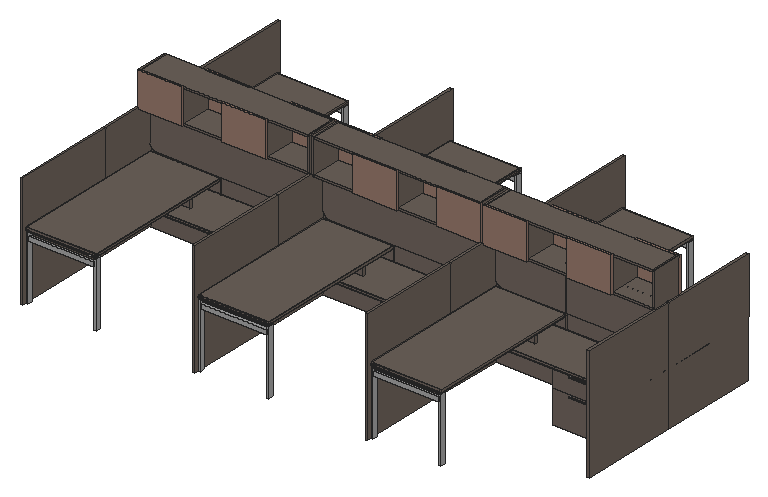
Revit family "T200204", category Furniture, Revit 2018 (continued)
Definition of nested family "STAKS LOW HEIGHT PEDESTAL WIDE - BOX-FILE - NO RISER SUPPORT"
  Reference planes (in)
    plane 23: x = 28.16461
    plane 24: y = -0.18715
    plane 25: y = -0.37465
    plane 26: z = 0.25
    plane 27: y = 19.25035
    plane 28: z = 0.75
    plane 29: y = 16.75035
    plane 30: y = 4.37535
    plane 31: y = 8.37535
    plane 32: y = 12.75035
    plane 33: y = 5.00035
    plane 34: y = 13.37535
    plane 35: z = 22
  Forms (in)
    Extrusion 1, solid, material <- "Drawer Material"
      sketch origin (20.35211, 5, -13.1802) x (0, 1, 0) y (0, 0, 1)
        loop
          line (-4.37465, 27.4302) -> (-4.37465, 13.4302) -> (-3.62465, 13.4302) -> (-3.62465, 27.4302) -> (-4.37465, 27.4302)
      from -11.3125 to 12.562
    Extrusion 2, solid, material <- "Drawer Material"
      sketch origin (20.35211, 2.25, -7.68015) x (0, 1, 0) y (0, 0, 1)
        loop
          line (-1.62465, 29.55515) -> (-1.62465, 22.05515) -> (-0.87465, 22.05515) -> (-0.87465, 29.55515) -> (-1.62465, 29.55515)
      from -11.3125 to 12.562
    Extrusion 3, solid, material <- "Chasis Material"
      sketch origin (-3, -1.24965, 0) x (1, 0, 0) y (0, 0, 1)
        loop
          line (11.97711, 0) -> (12.72711, 0) -> (12.72711, 21.875) -> (11.97711, 21.875) -> (11.97711, 0)
      from -21.25 to -2.625
    Extrusion 4, solid, material <- "Chasis Material"
      sketch origin (19.35211, 31.02324, 0) x (0, 1, 0) y (0, 0, 1)
        loop
          line (-11.77289, 0) -> (-11.02289, 0) -> (-11.02289, 21.875) -> (-11.77289, 21.875) -> (-11.77289, 0)
      from -9.625 to 12.875
    Extrusion 5, solid, material <- "Drawer Handle Material"
      sketch origin (9, 0, 9.60933) x (1, 0, 0) y (0, 1, 0)
        loop
          line (4.41461, 0.62535) -> (4.41461, -0.37465) -> (19.53961, -0.37465) -> (19.53961, 0.62535) -> (19.16461, 0.62535) -> (19.16461, -0.18715) -> (4.78961, -0.18715) -> (4.78961, 0.62535) -> (4.41461, 0.62535)
      from 3.92167 to 4.39067
    Extrusion 6, solid, material <- "Drawer Handle Material"
      sketch origin (9, 0, 20.67137) x (1, 0, 0) y (0, 1, 0)
        loop
          line (4.41461, 0.62535) -> (4.41461, -0.37465) -> (19.53961, -0.37465) -> (19.53961, 0.62535) -> (19.16461, 0.62535) -> (19.16461, -0.18715) -> (4.78961, -0.18715) -> (4.78961, 0.62535) -> (4.41461, 0.62535)
      from 0.48488 to 0.95363
    Extrusion 7, solid, material <- "Chasis Material"
      sketch origin (0, 0, 0) x (1, 0, 0) y (0, 1, 0)
        loop
          line (32.97711, 20.00035) -> (32.22711, 20.00035) -> (32.22711, 1.37535) -> (32.97711, 1.37535) -> (32.97711, 20.00035)
      from 0 to 21.875
    Extrusion 8, solid, material <- "Chasis Material"
      sketch origin (-29.79592, -7.12465, 7.24693) x (1, 0, 0) y (0, 0, 1)
        loop
          line (39.52304, 13.90932) -> (62.02304, 13.90932) -> (62.02304, 14.62807) -> (39.52304, 14.62807) -> (39.52304, 13.90932)
      from -26.375 to -8.5
    Extrusion 9, solid, material <- "Chasis Material"
      sketch origin (-31.5409, -1.62465, -42.72261) x (1, 0, 0) y (0, 0, 1)
        loop
          line (41.26801, 42.72261) -> (63.76801, 42.72261) -> (63.76801, 43.47261) -> (41.26801, 43.47261) -> (41.26801, 42.72261)
      from -20.875 to -3
    Extrusion 10, solid
      sketch origin (0, 0, 0) x (1, 0, 0) y (0, 1, 0)
        loop
          line (32.91411, 20.00035) -> (32.22711, 20.00035) -> (32.22711, 1.37535) -> (32.91411, 1.37535) -> (32.91411, 20.00035)
        loop
          line (9.03961, 20.00035) -> (9.03961, 1.37535) -> (9.72711, 1.37535) -> (9.72711, 20.00035) -> (9.03961, 20.00035)
      from 21.875 to 22
  Dimensions and locks (in)
    "Board Thickness": plane 13 to plane 12
    locked: plane 11 to plane 14 at 0.0625
    "Board Thickness": plane 11 to plane 16
    locked: plane 15 to plane 18 at 0.063
    "Width": plane 11 to plane 18
    Extrusion 7 sketch curve to plane 18 = 0' - 0 3/4"
    "Board Thickness": plane 19 to plane 18
    equal spacing: plane 11, plane 2 "Right", plane 18
    locked: plane 20 to plane 21 at 0.375
    locked: plane 23 to plane 22 at 0.375
    equal spacing: plane 20, plane 2 "Right", plane 22
    "Drawer Handle Width": plane 20 to plane 22
    plane 25 to plane 24 to plane 13 = 0' - 0 3/16" locked, 0' - 0 13/16" locked
    "Riser Support": plane 6 to level
    "Height": plane 3 to plane 6
    "DH1": plane 4 to plane 6
    locked: plane 26 to plane 6 at 0.25
    "Board Thickness": plane 27 to plane 17
    "Depth": plane 13 to plane 17
    plane 4 to plane 5 to plane 7 to plane 9 = 0' - 0 1/8" locked, 0' - 0 1/4" locked, 0' - 0.469" locked
    plane 3 to plane 8 to plane 10 = 0' - 0 1/4" locked, 0' - 0 15/32" locked
    "Board Thickness": plane 28 to plane 6
    plane 12 to plane 30 to plane 31 = 0' - 3" locked, 0' - 4" locked
    plane 32 to plane 29 to plane 27 = 0' - 4" locked, 0' - 2 1/2" locked
    locked: plane 30 to plane 33 at 0.625
    locked: plane 32 to plane 34 at 0.625
    locked: plane 35 to plane 3 at 0.125
    aligned and locked: level to plane 1
    aligned and locked: Extrusion 1 to plane 14
    aligned and locked: plane 15 to Extrusion 1
    aligned and locked: Extrusion 2 to plane 12
    aligned and locked: plane 13 to Extrusion 2
    aligned and locked: plane 15 to Extrusion 2
    aligned and locked: Extrusion 2 to plane 14
    aligned and locked: plane 12 to Extrusion 3
    aligned and locked: Extrusion 3 to plane 17
    aligned and locked: Extrusion 4 to plane 16
    aligned and locked: plane 16 to Extrusion 3
    aligned and locked: Extrusion 3 to plane 11
    aligned and locked: Extrusion 4 to plane 17
    aligned and locked: Extrusion 1 sketch curve to plane 12
    aligned and locked: plane 13 to Extrusion 1 sketch curve
    aligned and locked: plane 19 to Extrusion 4
    aligned and locked: plane 3 to Extrusion 3
    aligned and locked: Extrusion 6 to plane 22
    aligned and locked: Extrusion 5 to plane 22
    aligned and locked: plane 23 to Extrusion 6
    aligned and locked: plane 23 to Extrusion 5
    aligned and locked: plane 21 to Extrusion 6
    aligned and locked: plane 21 to Extrusion 5
    aligned and locked: Extrusion 6 to plane 20
    aligned and locked: Extrusion 5 to plane 20
    aligned and locked: plane 24 to Extrusion 6
    aligned and locked: plane 7 to Extrusion 5
    aligned and locked: Extrusion 5 to plane 9
    aligned and locked: plane 3 to Extrusion 4
    aligned and locked: Extrusion 1 to plane 26
    aligned and locked: Extrusion 7 to plane 19
    aligned and locked: plane 3 to Extrusion 7
    aligned and locked: Extrusion 7 to plane 6
    aligned and locked: plane 3 to Extrusion 8
    aligned and locked: Extrusion 8 to plane 10
    aligned and locked: plane 28 to Extrusion 9
    aligned and locked: Extrusion 9 to plane 6
    aligned and locked: Extrusion 9 to plane 27
    aligned and locked: plane 12 to Extrusion 9
    aligned and locked: plane 19 to Extrusion 9
    aligned and locked: Extrusion 9 to plane 16
    aligned and locked: Extrusion 10 to plane 3
    aligned and locked: plane 35 to Extrusion 10
    aligned and locked: plane 3 to Extrusion 2
    aligned and locked: plane 8 to Extrusion 6
    aligned and locked: Extrusion 6 to plane 10
    aligned and locked: Extrusion 8 to plane 27
    aligned and locked: plane 12 to Extrusion 8
  Automatic sketch dimensions
    Extrusion 1 sketch curve to plane 26 = 0' - 0"
    Extrusion 1 sketch curve to plane 5 = 0' - 0"
    Extrusion 2 sketch curve to plane 13 = 0' - 0"
    Extrusion 2 sketch curve to plane 4 = 0' - 0"
    Extrusion 2 sketch curve to plane 12 = 0' - 0"
    Extrusion 3 sketch curve to plane 6 = 0' - 0"
    Extrusion 3 sketch curve to plane 11 = 0' - 0"
    Extrusion 3 sketch curve to plane 3 = 0' - 0"
    Extrusion 3 sketch curve to plane 16 = 0' - 0"
    Extrusion 4 sketch curve to plane 6 = 0' - 0"
    Extrusion 4 sketch curve to plane 3 = 0' - 0"
    Extrusion 4 sketch curve to plane 17 = 0' - 0"
    plane 27 to Extrusion 4 sketch curve = 0' - 0"
    plane 13 to Extrusion 5 sketch curve = 0' - 0"  (x2)
    Extrusion 5 sketch curve to plane 20 = 0' - 0"
    Extrusion 5 sketch curve to plane 21 = 0' - 0"
    Extrusion 5 sketch curve to plane 23 = 0' - 0"
    Extrusion 5 sketch curve to plane 22 = 0' - 0"
    plane 25 to Extrusion 5 sketch curve = 0' - 0"
    plane 24 to Extrusion 5 sketch curve = 0' - 0"
    plane 13 to Extrusion 6 sketch curve = 0' - 0"  (x2)
    Extrusion 6 sketch curve to plane 20 = 0' - 0"
    Extrusion 6 sketch curve to plane 21 = 0' - 0"
    Extrusion 6 sketch curve to plane 23 = 0' - 0"
    Extrusion 6 sketch curve to plane 22 = 0' - 0"
    plane 25 to Extrusion 6 sketch curve = 0' - 0"
    plane 24 to Extrusion 6 sketch curve = 0' - 0"
    plane 12 to Extrusion 7 sketch curve = 0' - 0"
    Extrusion 7 sketch curve to plane 18 = 0' - 0"
    plane 17 to Extrusion 7 sketch curve = 0' - 0"
    Extrusion 8 sketch curve to plane 10 = 0' - 0"
    Extrusion 8 sketch curve to plane 16 = 0' - 0"
    Extrusion 8 sketch curve to plane 3 = 0' - 0"
    Extrusion 8 sketch curve to plane 19 = 0' - 0"
    plane 14 to Extrusion 9 sketch curve = 0' - 0 11/16"
    Extrusion 9 sketch curve to plane 6 = 0' - 0"
    plane 6 to Extrusion 9 sketch curve = 0' - 0 3/4"
    Extrusion 9 sketch curve to plane 19 = 0' - 0"
    Extrusion 10 sketch curve to plane 14 = 0' - 0"
    Extrusion 10 sketch curve to plane 15 = 0' - 0"
    Extrusion 10 sketch curve to plane 13 = 0' - 0 3/4"  (x2)
    Extrusion 10 sketch curve to plane 19 = 0' - 0"
    plane 17 to Extrusion 10 sketch curve = 0' - 0"  (x2)
    plane 4 to Extrusion 2 sketch curve = 0' - 7 1/2"
    Extrusion 10 sketch curve to plane 16 = 0' - 0"
Definition of nested family "STAKS RISER SUPPORT PANELS P _ T SHAPED"
  Parameters (values of type "STAKS RISER SUPPORT PANEL T SHAPE 26 X 9.5")
    T SHAPE = yes
    RISER DEPTH = 2' - 2"
    URL = "http://www.ofs.com/"
    P SHAPE = no
    Model = "6-RSP-26/9.5"
    Manufacturer = "OFS"
    Description = "STAKS RISER SUPPORT PANEL 26 X 9.5 T SHAPE, 4.875\"H Riser Support Panel for 30\"D Top"
    Copyright © = "©OFS 2018"
    Catalog = "https://ofs.com/products/casegoods/private-office/staks"
    Authoring Version = "Autodesk Revit Architecture 2013"
    Assembly Code = "E2020200"
  Types (8): name | T SHAPE | RISER DEPTH | P SHAPE | Model | Description
    STAKS RISER SUPPORT PANEL P SHAPE 10 X 9.5 | no | 0' - 10" | yes | "6-TSP-10/9.5" | "STAKS RISER SUPPORT PANEL 10 X 9.5 P SHAPE, 4.875\"H Riser Support Panel for 14\"D Top"
    STAKS RISER SUPPORT PANEL P SHAPE 18 X 9.5 | no | 1' - 6" | yes | "6-TSP-18/9.5" | "STAKS RISER SUPPORT PANEL 18 X 9.5 P SHAPE, 4.875\"H Riser Support Panel for 22\"D Top"
    STAKS RISER SUPPORT PANEL P SHAPE 26 X 9.5 | no | 2' - 2" | yes | "6-TSP-26/9.5" | "STAKS RISER SUPPORT PANEL 26 X 9.5 P SHAPE, 4.875\"H Riser Support Panel for 30\"D Top"
    STAKS RISER SUPPORT PANEL P SHAPE 32 X 9.5 | no | 2' - 8" | yes | "6-TSP-32/9.5" | "STAKS RISER SUPPORT PANEL 32 X 9.5 P SHAPE, 4.875\"H Riser Support Panel for 36\"D Top"
    STAKS RISER SUPPORT PANEL T SHAPE 10 X 9.5 | yes | 0' - 10" | no | "6-RSP-10/9.5" | "STAKS RISER SUPPORT PANEL 10 X 9.5 T SHAPE, 4.875\"H Riser Support Panel for 14\"D Top"
    STAKS RISER SUPPORT PANEL T SHAPE 18 X 9.5 | yes | 1' - 6" | no | "6-RSP-18/9.5" | "STAKS RISER SUPPORT PANEL 18 X 9.5 T SHAPE, 4.875\"H Riser Support Panel for 22\"D Top"
    STAKS RISER SUPPORT PANEL T SHAPE 26 X 9.5 | yes | 2' - 2" | no | "6-RSP-26/9.5" | "STAKS RISER SUPPORT PANEL 26 X 9.5 T SHAPE, 4.875\"H Riser Support Panel for 30\"D Top"
    STAKS RISER SUPPORT PANEL T SHAPE 32 X 9.5 | yes | 2' - 8" | no | "6-RSP-32/9.5" | "STAKS RISER SUPPORT PANEL 32 X 9.5 T SHAPE, 4.875\"H Riser Support Panel for 36\"D Top"
  Reference planes (in)
    plane 1: z = 0
    plane 2 "Left": x = -12
    plane 3 "Back": y = 1.62535
    plane 4 "WING Top": z = 27.375
    plane 5: y = -24.37465
    plane 6: y = 0.62535
    plane 7: x = -2.5
    plane 8: x = -3.5
    plane 9: x = -11
    plane 10: y = -7.87465
    plane 11: z = 22.5
    plane 12: y = -6.87465
    plane 13: x = -13
    plane 14: y = -11.37465
    plane 15: x = -21.5
  Forms (in)
    Extrusion 1, solid, visible <- "P SHAPE"
      sketch origin (3.36932, -10.37465, 0.12522) x (1, 0, 0) y (0, 0, 1)
        loop
          line (-5.86932, 27.24978) -> (-6.86932, 27.24978) -> (-6.86932, 22.37478) -> (-5.86932, 22.37478) -> (-5.86932, 27.24978)
      from -11 to -3.5
    Extrusion 2, solid, visible <- "P SHAPE"
      sketch origin (-5.5, 5, -0.18015) x (0, 1, 0) y (0, 0, 1)
        loop
          line (-4.37465, 27.55515) -> (-4.37465, 22.68015) -> (-3.37465, 22.68015) -> (-3.37465, 27.55515) -> (-4.37465, 27.55515)
      from -5.5 to 3
    Extrusion 3, solid, visible <- "P SHAPE"
      sketch origin (7.62465, -10.37465, -0.18015) x (1, 0, 0) y (0, 0, 1)
        loop
          line (-19.62465, 27.55515) -> (-19.62465, 22.68015) -> (-18.62465, 22.68015) -> (-18.62465, 27.55515) -> (-19.62465, 27.55515)
      from -12 to 14
    Extrusion 4, solid, visible <- "P SHAPE"
      sketch origin (-5.5, -2.25, -0.18015) x (0, 1, 0) y (0, 0, 1)
        loop
          line (-5.62465, 27.55515) -> (-5.62465, 22.68015) -> (-4.62465, 22.68015) -> (-4.62465, 27.55515) -> (-5.62465, 27.55515)
      from -5.5 to 3
    Extrusion 5, solid, visible <- "T SHAPE"
      sketch origin (6.62465, -10.37465, -0.18015) x (1, 0, 0) y (0, 0, 1)
        loop
          line (-19.62465, 27.55515) -> (-19.62465, 22.68015) -> (-18.62465, 22.68015) -> (-18.62465, 27.55515) -> (-19.62465, 27.55515)
      from -12 to 14
    Extrusion 6, solid, visible <- "T SHAPE"
      sketch origin (-16, -9.25, -0.18015) x (0, 1, 0) y (0, 0, 1)
        loop
          line (-2.62465, 27.55515) -> (-2.62465, 22.68015) -> (-1.62465, 22.68015) -> (-1.62465, 27.55515) -> (-2.62465, 27.55515)
      from -5.5 to 3
  Lines and regions (in)
    Masking region 1, visible <- "P SHAPE"
      outline origin (-5.5, 0, 0) x (1, 0, 0) y (0, 1, 0)
        loop
          line (-5.5, 1.62535) -> (-5.5, 0.62535) -> (3, 0.62535) -> (3, 1.62535) -> (-5.5, 1.62535)
    Masking region 2, visible <- "P SHAPE"
      outline origin (4.75, 0, 0) x (1, 0, 0) y (0, 1, 0)
        loop
          line (-7.25, 0.62535) -> (-8.25, 0.62535) -> (-8.25, -6.87465) -> (-7.25, -6.87465) -> (-7.25, 0.62535)
    Masking region 3, visible <- "P SHAPE"
      outline origin (-16.37535, -10.37465, 0) x (0, -1, 0) y (1, 0, 0)
        loop
          line (-12, 5.37535) -> (-12, 4.37535) -> (14, 4.37535) -> (14, 5.37535) -> (-12, 5.37535)
    Masking region 4, visible <- "P SHAPE"
      outline origin (-5.5, -7.25, 0) x (1, 0, 0) y (0, 1, 0)
        loop
          line (-5.5, 0.37535) -> (-5.5, -0.62465) -> (3, -0.62465) -> (3, 0.37535) -> (-5.5, 0.37535)
    Masking region 5, visible <- "T SHAPE"
      outline origin (-17.37535, -10.37465, 0) x (0, -1, 0) y (1, 0, 0)
        loop
          line (-12, 5.37535) -> (-12, 4.37535) -> (14, 4.37535) -> (14, 5.37535) -> (-12, 5.37535)
    Masking region 6, visible <- "T SHAPE"
      outline origin (-16, -14.25, 0) x (1, 0, 0) y (0, 1, 0)
        loop
          line (-5.5, 3.37535) -> (-5.5, 2.37535) -> (3, 2.37535) -> (3, 3.37535) -> (-5.5, 3.37535)
  Dimensions and locks (in)
    "RISER DEPTH": plane 5 to plane 3 "Back"
    locked: plane 2 "Left" to plane 9 at 1
    locked: plane 8 to plane 7 at 1
    locked: plane 2 "Left" to plane 7 at 9.5
    locked: plane 4 "WING Top" to plane 11 at 4.875
    locked: plane 10 to plane 3 "Back" at 9.5
    locked: plane 4 "WING Top" to plane 1 at 27.375
    locked: plane 6 to plane 3 "Back" at 1
    locked: plane 10 to plane 12 at 1
    locked: plane 15 to plane 2 "Left" at 9.5
    locked: plane 13 to plane 2 "Left" at 1
    Extrusion 6 to plane 14 to Extrusion 6 = 0' - 0 1/2" locked, 0' - 0 1/2" locked
    equal spacing: plane 5, plane 14, plane 3 "Back"
    aligned: Extrusion 1 to plane 2 "Left"  (x2)
    aligned: Extrusion 1 to plane 1  (x2)
    aligned: level to plane 1
    aligned: Extrusion 1 to plane 4 "WING Top"
    aligned: Extrusion 1 to plane 3 "Back"  (x2)
    aligned: plane 5 to Extrusion 1
    aligned: Extrusion 3 to plane 6
    aligned and locked: plane 5 to Extrusion 3
    aligned: Extrusion 1 to plane 5  (x3)
    aligned and locked: plane 6 to Extrusion 2
    aligned and locked: plane 6 to Masking region 1
    aligned and locked: Masking region 1 to plane 3 "Back"
    aligned and locked: Extrusion 2 to plane 3 "Back"
    aligned: plane 7 to Masking region 1
    aligned: plane 7 to Extrusion 2
    aligned: Extrusion 3 to plane 2 "Left"
    aligned: plane 4 "WING Top" to Extrusion 3
    aligned: plane 4 "WING Top" to Extrusion 1
    aligned: plane 4 "WING Top" to Extrusion 2
    aligned: Masking region 2 to plane 3 "Back"
    aligned: plane 3 "Back" to Extrusion 1
    aligned: plane 10 to Masking region 2
    aligned: plane 10 to Extrusion 1
    aligned and locked: plane 7 to Extrusion 1
    aligned and locked: Extrusion 1 to plane 8
    aligned and locked: plane 7 to Masking region 2
    aligned and locked: Masking region 2 to plane 8
    aligned: plane 8 to Extrusion 2
    aligned: plane 8 to Masking region 1
    aligned and locked: Extrusion 3 to plane 3 "Back"
    aligned and locked: Extrusion 3 to plane 2 "Left"
    aligned: plane 9 to Extrusion 3
    aligned and locked: plane 9 to Masking region 3
    aligned and locked: Masking region 3 to plane 2 "Left"
    aligned and locked: Extrusion 2 to plane 9
    aligned and locked: Masking region 1 to plane 9
    aligned and locked: plane 5 to Masking region 3
    aligned and locked: plane 4 "WING Top" to Extrusion 3  (x2)
    aligned and locked: plane 4 "WING Top" to Extrusion 1
    aligned and locked: plane 4 "WING Top" to Extrusion 2
    aligned and locked: Extrusion 3 to plane 11
    aligned and locked: Extrusion 1 to plane 11
    aligned and locked: Extrusion 2 to plane 11
    aligned and locked: plane 9 to Extrusion 3
    aligned and locked: Extrusion 1 to plane 6
    aligned and locked: Masking region 2 to plane 6
    aligned and locked: plane 7 to Extrusion 2
    aligned and locked: plane 7 to Masking region 1
    aligned and locked: Masking region 4 to plane 12
    aligned and locked: Extrusion 4 to plane 12
    aligned and locked: plane 10 to Extrusion 4
    aligned and locked: plane 10 to Masking region 4
    aligned and locked: plane 12 to Extrusion 1
    aligned and locked: plane 12 to Masking region 2
    aligned and locked: Masking region 6 to Extrusion 6  (x2)
    aligned and locked: Masking region 6 to plane 15
    aligned and locked: Extrusion 6 to plane 15
    aligned and locked: plane 13 to Masking region 6
    aligned and locked: plane 13 to Extrusion 6
    aligned and locked: plane 5 to Extrusion 5
    aligned and locked: Extrusion 5 to plane 3 "Back"
    aligned and locked: plane 3 "Back" to Extrusion 5
  Automatic sketch dimensions
    Extrusion 1 sketch curve to plane 4 "WING Top" = 0' - 0"
    Extrusion 1 sketch curve to plane 8 = 0' - 0"
    Extrusion 1 sketch curve to plane 7 = 0' - 0"
    Extrusion 1 sketch curve to plane 11 = 0' - 0"
    Extrusion 2 sketch curve to plane 4 "WING Top" = 0' - 0"
    Extrusion 2 sketch curve to plane 6 = 0' - 0"
    Extrusion 2 sketch curve to plane 3 "Back" = 0' - 0"
    Extrusion 2 sketch curve to plane 11 = 0' - 0"
    plane 6 to Masking region 1 sketch curve = 0' - 0"
    Masking region 1 sketch curve to plane 9 = 0' - 0"
    plane 3 "Back" to Masking region 1 sketch curve = 0' - 0"
    Masking region 1 sketch curve to plane 7 = 0' - 0"
    Extrusion 3 sketch curve to plane 2 "Left" = 0' - 0"
    Extrusion 3 sketch curve to plane 9 = 0' - 0"
    Extrusion 3 sketch curve to plane 11 = 0' - 0"
    Extrusion 3 sketch curve to plane 4 "WING Top" = 0' - 0"
    plane 6 to Masking region 2 sketch curve = 0' - 0"
    Masking region 2 sketch curve to plane 8 = 0' - 0"
    Masking region 2 sketch curve to plane 7 = 0' - 0"
    plane 12 to Masking region 2 sketch curve = 0' - 0"
    Masking region 3 sketch curve to plane 2 "Left" = 0' - 0"
    plane 3 "Back" to Masking region 3 sketch curve = 0' - 0"
    plane 5 to Masking region 3 sketch curve = 0' - 0"
    Masking region 3 sketch curve to plane 9 = 0' - 0"
    Extrusion 4 sketch curve to plane 4 "WING Top" = 0' - 0"
    Extrusion 4 sketch curve to plane 10 = 0' - 0"
    Extrusion 4 sketch curve to plane 11 = 0' - 0"
    Extrusion 4 sketch curve to plane 12 = 0' - 0"
    Masking region 4 sketch curve to plane 9 = 0' - 0"
    Masking region 4 sketch curve to plane 7 = 0' - 0"
    plane 10 to Masking region 4 sketch curve = 0' - 0"
    plane 12 to Masking region 4 sketch curve = 0' - 0"
    Extrusion 5 sketch curve to plane 4 "WING Top" = 0' - 0"
    Extrusion 5 sketch curve to plane 13 = 0' - 0"
    Extrusion 5 sketch curve to plane 2 "Left" = 0' - 0"
    Extrusion 5 sketch curve to plane 11 = 0' - 0"
    plane 3 "Back" to Masking region 5 sketch curve = 0' - 0"
    Masking region 5 sketch curve to plane 2 "Left" = 0' - 0"
    plane 5 to Masking region 5 sketch curve = 0' - 0"
    Masking region 5 sketch curve to plane 13 = 0' - 0"
    Extrusion 6 sketch curve to plane 4 "WING Top" = 0' - 0"
    Extrusion 6 sketch curve to plane 11 = 0' - 0"
    plane 10 to Extrusion 6 sketch curve = 0' - 4"
    Extrusion 6 sketch curve to Extrusion 6 sketch curve = 0' - 1"
    Masking region 6 sketch curve to plane 13 = 0' - 0"
    Masking region 6 sketch curve to Masking region 6 sketch curve = 0' - 8 1/2"
    plane 10 to Masking region 6 sketch curve = 0' - 4"
    Masking region 6 sketch curve to Masking region 6 sketch curve = 0' - 1"
Definition of nested family "STAKS SUPPORT H LEG"
  Parameters (values of type "STAKS SUPPORT H LEG 36")
    URL = "http://www.ofs.com"
    H LEG WIDTH = 3' - 0"
    Model = "6-36HBA1"
    Manufacturer = "OFS"
    PANEL INSERT = no
    Description = "OFS STAKS SUPPORT H LEG 36\" Width, Use with 36\"D Worksurface (single base)"
    Copyright © = "©OFS 2018"
    Catalog = "https://ofs.com/products/casegoods/private-office/staks"
    Authoring Version = "Autodesk Revit Architecture 2013"
    Assembly Code = ""
  Types (6): name | H LEG WIDTH | Model | PANEL INSERT | Description
    STAKS SUPPORT H LEG 22 | 1' - 10" | "6-22HBA2" | no | "OFS STAKS SUPPORT H LEG 22\" Width, Use with 22\"D Worksurface (set of two)"
    STAKS SUPPORT H LEG 30 | 2' - 6" | "6-30HBA2" | no | "OFS STAKS SUPPORT H LEG 30\" Width, Use with 30\"D Worksurface (set of two)"
    STAKS SUPPORT H LEG 36 | 3' - 0" | "6-36HBA1" | no | "OFS STAKS SUPPORT H LEG 36\" Width, Use with 36\"D Worksurface (single base)"
    STAKS SUPPORT WITH PANEL INSERT H LEG 22 | 1' - 10" | "6-22HBPA2" | yes | "OFS STAKS SUPPORT WITH PANEL INSERT H LEG 22\" Width, Use with 22\"D Worksurface (set of two)"
    STAKS SUPPORT WITH PANEL INSERT H LEG 30 | 2' - 6" | "6-30HBPA2" | yes | "OFS STAKS SUPPORT WITH PANEL INSERT H LEG 30\" Width, Use with 30\"D Worksurface (set of two)"
    STAKS SUPPORT WITH PANEL INSERT H LEG 36 | 3' - 0" | "6-36HBPA1" | yes | "OFS STAKS SUPPORT WITH PANEL INSERT H LEG 36\" Width, Use with 36\"D Worksurface (single base)"
  Reference planes (in)
    plane 1: z = 0
    plane 2 "Center (Front/Back)": y = -2.62465
    plane 3 "Center (Left/Right)": x = -17.5
    plane 4 "H LEG TOP": z = 27.375
    plane 5: x = -15.5
    plane 6: x = -13.5
    plane 7: y = -20.62465
    plane 8: y = 15.37535
    plane 9: z = 27.181
    plane 10: y = 14.37535
    plane 11: y = -19.62465
    plane 12: z = 25.806
    plane 13: z = 23.806
    plane 14: x = -16.5
    plane 15: x = -15.75
    plane 16: z = 25.056
  Forms (in)
    Extrusion 1, solid
      sketch origin (0, 0, 27.375) x (0, -1, 0) y (1, 0, 0)
        loop
          line (-15.37535, -15.5) -> (-15.37535, -17.5) -> (20.62465, -17.5) -> (20.62465, -15.5) -> (19.62465, -15.5) -> (18.46995, -13.5) -> (-13.22065, -13.5) -> (-14.37535, -15.5) -> (-15.37535, -15.5)
      from -0.194 to 0
    Extrusion 2, solid
      sketch origin (0, 0, 27.375) x (0, -1, 0) y (1, 0, 0)
        loop
          line (-14.37535, -15.5) -> (-15.37535, -15.5) -> (-15.37535, -17.5) -> (-14.37535, -17.5) -> (-14.37535, -15.5)
      from -27.375 to -0.194
    Extrusion 3, solid
      sketch origin (0, 0, 27.375) x (0, -1, 0) y (1, 0, 0)
        loop
          line (19.62465, -17.5) -> (20.62465, -17.5) -> (20.62465, -15.5) -> (19.62465, -15.5) -> (19.62465, -17.5)
      from -27.375 to -0.194
    Extrusion 4, solid
      sketch origin (0, -1.24965, 0) x (1, 0, 0) y (0, 0, 1)
        loop
          line (-16.5, 25.806) -> (-17.5, 25.806) -> (-17.5, 23.806) -> (-16.5, 23.806) -> (-16.5, 25.806)
      from -15.625 to 18.375
    Extrusion 5, solid, visible <- "PANEL INSERT"
      sketch origin (0, -1.24965, 0) x (1, 0, 0) y (0, 0, 1)
        loop
          line (-15.75, 25.056) -> (-16.5, 25.056) -> (-16.5, 0) -> (-15.75, 0) -> (-15.75, 25.056)
      from -15.625 to 18.375
  Lines and regions (in)
    Masking region 1
      outline origin (0, 0, 27.375) x (0, -1, 0) y (1, 0, 0)
        loop
          line (19.62465, -15.5) -> (18.46995, -13.5) -> (-13.22065, -13.5) -> (-14.37535, -15.5) -> (-14.37535, -17.5) -> (19.62465, -17.5) -> (19.62465, -15.5)
    Masking region 2
      outline origin (0, 0, 27.375) x (0, -1, 0) y (1, 0, 0)
        loop
          line (-14.37535, -15.5) -> (-15.37535, -15.5) -> (-15.37535, -17.5) -> (-14.37535, -17.5) -> (-14.37535, -15.5)
    Masking region 3
      outline origin (0, 0, 27.375) x (0, -1, 0) y (1, 0, 0)
        loop
          line (20.62465, -15.5) -> (19.62465, -15.5) -> (19.62465, -17.5) -> (20.62465, -17.5) -> (20.62465, -15.5)
    Masking region 4, visible <- "PANEL INSERT"
      outline origin (0, 0, 27.375) x (0, -1, 0) y (1, 0, 0)
        loop
          line (-14.37535, -15.75) -> (-14.37535, -16.5) -> (19.62465, -16.5) -> (19.62465, -15.75) -> (-14.37535, -15.75)
  Dimensions and locks (in)
    locked: plane 4 "H LEG TOP" to plane 1 at 27.375
    plane 3 "Center (Left/Right)" to plane 5 to plane 6 = 0' - 2" locked, 0' - 2" locked
    equal spacing: plane 7, plane 2 "Center (Front/Back)", plane 8
    "H LEG WIDTH": plane 7 to plane 8
    locked: plane 4 "H LEG TOP" to plane 9 at 0.194
    locked: plane 10 to plane 8 at 1
    locked: plane 7 to plane 11 at 1
    locked: plane 9 to plane 12 at 1.375
    locked: plane 12 to plane 13 at 2
    locked: plane 14 to plane 3 "Center (Left/Right)" at 1
    locked: plane 9 to plane 16 at 2.125
    locked: plane 15 to plane 3 "Center (Left/Right)" at 1.75
    locked: Extrusion 1 sketch curve to Extrusion 1 sketch curve (angle 120.00°)  (x2)
    aligned and locked: level to plane 1
    aligned and locked: plane 9 to Extrusion 1
    aligned and locked: Extrusion 1 to plane 4 "H LEG TOP"
    aligned and locked: Extrusion 1 to plane 8
    aligned and locked: plane 7 to Extrusion 1
    aligned and locked: Extrusion 1 sketch curve to plane 3 "Center (Left/Right)"
    aligned and locked: Extrusion 1 sketch curve to plane 8
    aligned and locked: Extrusion 1 sketch curve to plane 5
    aligned and locked: Extrusion 1 sketch curve to plane 6
    aligned and locked: plane 5 to Extrusion 1 sketch curve
    aligned and locked: plane 7 to Extrusion 1 sketch curve
    aligned and locked: Extrusion 3 to plane 1
    aligned and locked: Extrusion 3 to plane 9
    aligned and locked: Extrusion 2 to plane 9
    aligned and locked: Extrusion 2 to plane 1
    aligned and locked: Extrusion 2 sketch curve to plane 8
    aligned and locked: plane 5 to Extrusion 2 sketch curve
    aligned and locked: Extrusion 2 sketch curve to plane 3 "Center (Left/Right)"
    aligned and locked: plane 10 to Extrusion 2 sketch curve
    aligned and locked: plane 7 to Extrusion 3 sketch curve
    aligned and locked: plane 5 to Extrusion 3 sketch curve
    aligned and locked: Extrusion 3 sketch curve to plane 11
    aligned and locked: Extrusion 3 sketch curve to plane 3 "Center (Left/Right)"
    aligned and locked: Extrusion 4 sketch curve to plane 12
    aligned and locked: plane 13 to Extrusion 4 sketch curve
    aligned and locked: Extrusion 4 sketch curve to plane 3 "Center (Left/Right)"
    aligned and locked: plane 14 to Extrusion 4 sketch curve
    aligned and locked: Extrusion 4 to plane 10
    aligned and locked: plane 11 to Extrusion 4
    aligned and locked: Extrusion 5 sketch curve to plane 16
    aligned and locked: Extrusion 5 sketch curve to plane 14
    aligned and locked: plane 15 to Extrusion 5 sketch curve
    aligned and locked: Extrusion 5 sketch curve to plane 1
    aligned and locked: Extrusion 5 to plane 16
    aligned and locked: Extrusion 5 to plane 1
    aligned and locked: plane 11 to Extrusion 5
    aligned and locked: Extrusion 5 to plane 10
  Automatic sketch dimensions
    Extrusion 1 sketch curve to Extrusion 1 sketch curve = 0' - 1"
    Extrusion 1 sketch curve to plane 7 = 0' - 1"
    Masking region 1 sketch curve to plane 5 = 0' - 0"  (x2)
    Masking region 1 sketch curve to plane 6 = 0' - 0"
    Masking region 1 sketch curve to plane 3 "Center (Left/Right)" = 0' - 0"
    plane 8 to Masking region 1 sketch curve = 0' - 1"
    plane 8 to Masking region 1 sketch curve = 0' - 2.1547"
    Masking region 1 sketch curve to plane 7 = 0' - 2.1547"
    Masking region 1 sketch curve to plane 7 = 0' - 1"
    plane 8 to Masking region 2 sketch curve = 0' - 0"
    Masking region 2 sketch curve to plane 3 "Center (Left/Right)" = 0' - 0"
    Masking region 2 sketch curve to plane 5 = 0' - 0"
    Masking region 2 sketch curve to Masking region 2 sketch curve = 0' - 1"
    Masking region 3 sketch curve to plane 3 "Center (Left/Right)" = 0' - 0"
    plane 7 to Masking region 3 sketch curve = 0' - 0"
    Masking region 3 sketch curve to plane 5 = 0' - 0"
    Masking region 3 sketch curve to plane 7 = 0' - 1"
    plane 10 to Masking region 4 sketch curve = 0' - 0"
    plane 11 to Masking region 4 sketch curve = 0' - 0"
    Masking region 4 sketch curve to plane 14 = 0' - 0"
    Masking region 4 sketch curve to plane 15 = 0' - 0"
